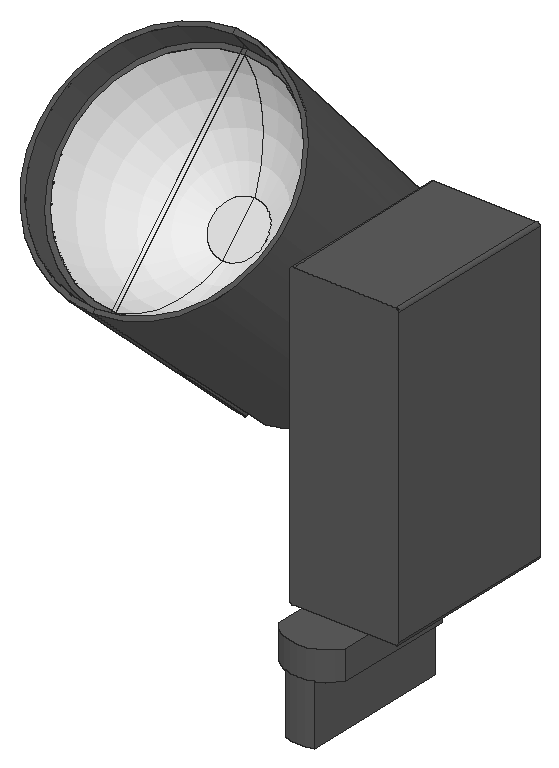
Revit family "0004893 Feilo Sylvania Lighting Fixture START TRACK SPOT L 55W 3K RA90 MB BLACK", category Lighting Fixtures, host Face, Revit 2017 (continued)
Definition of nested family "Start Track Spot Head"
  Types (96, lengths in mm): name | Wattage | built-in parameter 1150134 | Photometric Web File | Model | built-in parameter 1150105 | Lumens | built-in parameter 1150107 | built-in parameter 1150106 | HeadThickness_FEILO | HeadRibOffset_FEILO | HeadRibDepth_FEILO | HeadRibCutWidth_FEILO | HeadRibCutOffset_FEILO | HeadReflectorRadius_FEILO | HeadReflectorOffset_FEILO | HeadLEDRadius_FEILO | HeadHeight_FEILO | HeadDiffusorOffset_FEILO | HeadDiaOut_FEILO | HeadDiaIn_FEILO | HeadAxisFromTop_FEILO | Emit from Circle Diameter | built-in parameter 1150104 | Description | Apparent Load
    0004812 START TRACK SPOT S 14W 3K RA80 MB WHITE | 14 W | (empty or 0) | "0004812.ies" | "START TRACK SPOT S 14W 3K RA80 MB WHITE" | 120.32 (stored number, unit not read) | 1512 lm | 3000 (stored number, unit not read) | 1.2032 (stored number, unit not read) | 1.5 | 4.179 | 55.714 | 7.167 | 50.87 | 50.588 | 55.714 | 9.556 | 117 | 9.435 | 86 | 77.477 | 69.354 | 77.477 | 10.034 (stored number, unit not read) | "Integrated LED spotlight, Textured White - RAL9016, compact and minimalist design, ideal for retail applications, die-cast aluminium body, passive cooling heatsink. Beam angle: 36°, color temperature: 3000K , total system power: 14W, total fixture output: 1508 lm, LOR: 100%, colour rendering: Ra: 80 typical, LED Chromaticity: 3 step MacAdam ellipse, lifetime: >50000 hours at L70B50, energy class: A++, A+, A, IR/UV free light source without heat radiation, operating voltage: 220-240V / 50-60Hz, drive current: 350mA, electronic driver, non-dimmable, power factor: 0.92, electrical protection: Class II, Global Track 3 Phase adapter suitable for Global trac 3-circuit tracks, ingress protection rating: IP20, suitable for internal environment only, horizontal rotation: 355°, vertical tilt: 90°, dimensions: Ø86x140x200, weight: 0.940kg." | 14 VA
    0004811 START TRACK SPOT S 14W 3K RA80 NB WHITE | 14 W | (empty or 0) | "0004811.ies" | "START TRACK SPOT S 14W 3K RA80 NB WHITE" | 123.66 (stored number, unit not read) | 1554 lm | 3000 (stored number, unit not read) | 1.2366 (stored number, unit not read) | 1.5 | 4.179 | 55.714 | 7.167 | 50.87 | 50.588 | 55.714 | 9.556 | 117 | 9.435 | 86 | 77.477 | 69.354 | 77.477 | 10.312 (stored number, unit not read) | "Integrated LED spotlight, Textured White - RAL9016, compact and minimalist design, ideal for retail applications, die-cast aluminium body, passive cooling heatsink. Beam angle: 12°, color temperature: 3000K , total system power: 14W, total fixture output: 1551 lm, LOR: 100%, colour rendering: Ra: 80 typical, LED Chromaticity: 3 step MacAdam ellipse, lifetime: >50000 hours at L70B50, energy class: A++, A+, A, IR/UV free light source without heat radiation, operating voltage: 220-240V / 50-60Hz, drive current: 350mA, electronic driver, non-dimmable, power factor: 0.92, electrical protection: Class II, Global Track 3 Phase adapter suitable for Global trac 3-circuit tracks, ingress protection rating: IP20, suitable for internal environment only, horizontal rotation: 355°, vertical tilt: 90°, dimensions: Ø86x140x200, weight: 0.940kg." | 14 VA
  Reference planes
    plane 1 "Center (Front/Back)": y = 0
    plane 2: z = 0
    plane 3 "Center (Left/Right)": x = 0
    plane 4: x = 43
    plane 5: x = -43
    plane 6: x = -38.739
    plane 7: x = 38.739
    plane 8: z = 69.354
    plane 9: z = -47.646
    plane 10: x = -41.5
    plane 11: x = -37.239
    plane 12: z = -38.211
    plane 13: z = -35.211
    plane 14: z = 8.068
    plane 15: x = -9.556
    plane 16: x = -28.667
    plane 17: x = -19.111
    plane 18: x = -27.167
    plane 19: x = -17.611
    plane 20: x = -8.056
    plane 21: z = 13.64
    plane 22: x = -29.667
    plane 23: x = -26.167
    plane 24: x = -20.111
    plane 25: x = -16.611
    plane 26: x = -10.556
    plane 27: x = -7.056
    plane 28: x = -36.239
    plane 29: x = -40.5
    plane 30: z = 65.175
    plane 31: z = 60.997
    plane 32: z = 56.818
    plane 33: z = 18.484
    plane 34: y = -43
    plane 35: y = 43
    plane 36: y = 3.583
    plane 37: y = -3.583
    plane 38: y = -2.583
    plane 39: y = 2.583
    plane 40: y = 46
    plane 41: z = 13.5
    plane 42: z = -13.5
    plane 43: y = 39
    plane 44: x = 4.708
    plane 45: x = -2.458
    plane 46: x = -1.458
    plane 47: x = 1.458
  Forms (mm)
    Extrusion 1, solid
      sketch origin (4.2, 0, 0) x (1, 0, 0) y (0, 1, 0)
        loop
          line (-1219.2, 1219.2) -> (-1219.2, -1219.2) -> (1219.2, -1219.2) -> (1219.2, 1219.2) -> (-1219.2, 1219.2)
      from 0 to -68.017
    Revolve 2, solid, material <- "Material_1_FEILO", detail levels medium+fine
      sketch origin (0, 0, 0) x (1, 0, 0) y (0, 0, 1)
        loop
          line (-43, -47.646) -> (-41.5, -47.646) -> (-40.5, -35.211) -> (-38.739, -35.211)
          arc (-38.739, -35.211) -> (-30.16, -9.517) -> (-9.556, 8.068) r 50.588
          line (-9.556, 8.068) -> (0, 8.068) -> (0, 13.64) -> (-16.611, 13.64) -> (-17.611, 60.997) -> (-19.111, 60.997) -> (-20.111, 13.64) -> (-36.239, 13.64) -> (-37.239, 69.354) -> (-38.739, 69.354) -> (-43, -47.646)
        axis (0, 69.354) -> (0, -47.646)
      angle from 360 to 0
    Extrusion 3, void
      sketch origin (0, 0, 0) x (0, 1, 0) y (0, 0, 1)
        loop
          line (-3.583, 69.354) -> (-2.583, 18.484) -> (1.932, 18.484) -> (2.932, 69.354) -> (-3.583, 69.354)
      from 43 to -43
    Revolve 4, solid, material <- "Material_2_FEILO", detail levels medium+fine
      sketch origin (0, 0, 0) x (1, 0, 0) y (0, 0, 1)
        loop
          line (-41.5, -38.211) -> (0, -38.211) -> (0, -35.211) -> (-41.5, -35.211) -> (-41.5, -38.211)
        axis (0, -35.211) -> (0, -38.211)
      angle from 360 to 0
    Revolve 5, solid, material <- "Material_1_FEILO"
      sketch origin (0, 0, 0) x (0, 1, 0) y (0, 0, 1)
        loop
          line (46, 0) -> (39, 0) -> (39, -13.5) -> (46, -13.5) -> (46, 0)
        axis (39, 0) -> (46, 0)
      angle from 360 to 0
    Revolve 6, solid, material <- "Material_1_FEILO", detail levels medium+fine
      sketch origin (0, 0, 0) x (1, 0, 0) y (0, 0, 1)
        loop
          line (-29.667, 13.64) -> (-26.167, 13.64) -> (-27.167, 65.175) -> (-28.667, 65.175) -> (-29.667, 13.64)
        loop
          line (-10.556, 13.64) -> (-7.056, 13.64) -> (-7.833, 56.818) -> (-9.778, 56.818) -> (-10.556, 13.64)
        axis (0, 65.175) -> (0, 13.64)
      angle from 360 to 0
    Extrusion 7, void
      sketch origin (0, 0, 0) x (1, 0, 0) y (0, 0, 1)
        loop
          line (4.708, 69.354) -> (-2.458, 69.354) -> (-1.458, 13.64) -> (1.458, 13.64) -> (4.708, 69.354)
      from -43 to 43
    Revolve 8, solid, material <- "Material_1_FEILO", detail levels coarse
      sketch origin (0, 0, 0) x (1, 0, 0) y (0, 0, 1)
        loop
          line (0, 69.354) -> (-38.739, 69.354) -> (-43, -47.646) -> (-41.5, -47.646) -> (-40.731, -38.211) -> (0, -38.211) -> (0, 69.354)
        axis (0, 69.354) -> (0, -47.646)
      angle from 360 to 0
  Cuts and joins
    Extrusion 3 cuts Revolve 2
    Extrusion 7 cuts Revolve 6
  Dimensions and locks
    equal spacing: plane 7, plane 3 "Center (Left/Right)", plane 6
    equal spacing: plane 4, plane 3 "Center (Left/Right)", plane 5
    "HeadDiaOut_FEILO": plane 4 to plane 5
    "HeadDiaIn_FEILO": plane 7 to plane 6
    "HeadHeight_FEILO": plane 8 to plane 9
    "HeadThickness_FEILO": plane 10 to plane 5
    "HeadThickness_FEILO": plane 11 to plane 6
    "HeadDiffusorOffset_FEILO": plane 12 to plane 9
    "HeadDiffusorThickness_FEILO": plane 13 to plane 12
    "HeadReflectorOffset_FEILO": plane 14 to plane 9
    "HeadLEDRadius_FEILO": plane 3 "Center (Left/Right)" to plane 15
    "HeadLEDRadius_FEILO": plane 15 to plane 17
    "HeadLEDRadius_FEILO": plane 17 to plane 16
    "HeadThickness_FEILO": plane 18 to plane 16
    "HeadThickness_FEILO": plane 19 to plane 17
    "HeadThickness_FEILO": plane 20 to plane 15
    "HeadRibDepth_FEILO": plane 8 to plane 21
    "HeadDraft_FEILO": plane 16 to plane 22
    "HeadDraft_FEILO": plane 23 to plane 18
    "HeadDraft_FEILO": plane 17 to plane 24
    "HeadDraft_FEILO": plane 25 to plane 19
    "HeadDraft_FEILO": plane 15 to plane 26
    "HeadDraft_FEILO": plane 27 to plane 20
    "HeadDraft_FEILO": plane 29 to plane 10
    "HeadDraft_FEILO": plane 28 to plane 11
    "HeadRibOffset_FEILO": plane 8 to plane 30
    "HeadRibOffset_FEILO": plane 30 to plane 31
    "HeadRibOffset_FEILO": plane 31 to plane 32
    "HeadAxisFromTop_FEILO": plane 8 to plane 2
    "HeadRibCutOffset_FEILO": plane 8 to plane 33
    equal spacing: plane 34, plane 1 "Center (Front/Back)", plane 35
    "HeadDiaOut_FEILO": plane 34 to plane 35
    equal spacing: plane 38, plane 1 "Center (Front/Back)", plane 39
    equal spacing: plane 37, plane 1 "Center (Front/Back)", plane 36
    "HeadRibCutWidth_FEILO": plane 37 to plane 36
    "HeadDraft_FEILO": plane 37 to plane 38
    locked: plane 35 to plane 40 at 3
    equal spacing: plane 41, plane 2, plane 42
    locked: plane 42 to plane 41 at 27
    locked: plane 43 to plane 35 at 4
    equal spacing: plane 45, imposter light, plane 44
    "HeadDraft_FEILO": plane 46 to plane 45
    "HeadRibCutWidth_FEILO": plane 44 to plane 45
    equal spacing: plane 47, plane 3 "Center (Left/Right)", plane 46
    "HeadReflectorRadius_FEILO": radius of Revolve 2 sketch curve
    aligned and locked: plane 2 to Extrusion 1
    aligned and locked: level to Extrusion 1
    aligned and locked: Revolve 2 sketch curve to plane 3 "Center (Left/Right)"  (x2)
    aligned and locked: plane 9 to Revolve 2 sketch curve  (x2)
    aligned and locked: plane 5 to Revolve 2 sketch curve
    aligned and locked: plane 10 to Revolve 2 sketch curve
    aligned and locked: plane 14 to Revolve 2 sketch curve
    aligned and locked: plane 8 to Revolve 2 sketch curve
    aligned and locked: Revolve 2 sketch curve to plane 13
    aligned and locked: plane 12 to Revolve 4 sketch curve
    aligned and locked: plane 3 "Center (Left/Right)" to Revolve 4 sketch curve
    aligned and locked: Revolve 4 sketch curve to plane 10
    aligned and locked: Revolve 4 sketch curve to plane 3 "Center (Left/Right)"
    aligned and locked: plane 12 to imposter light
    aligned and locked: imposter light to plane 1 "Center (Front/Back)"
    aligned and locked: Revolve 5 sketch curve to plane 2
    aligned and locked: plane 43 to Revolve 5 sketch curve
    aligned and locked: plane 42 to Revolve 5 sketch curve
    aligned and locked: Revolve 6 sketch curve to plane 3 "Center (Left/Right)"
    aligned and locked: plane 22 to Revolve 6 sketch curve
    aligned and locked: plane 30 to Revolve 6 sketch curve
    aligned and locked: plane 23 to Revolve 6 sketch curve
    aligned and locked: Revolve 6 sketch curve to plane 21  (x2)
    aligned and locked: plane 21 to Revolve 6 sketch curve
    aligned and locked: plane 17 to Revolve 2 sketch curve
    aligned and locked: plane 19 to Revolve 2 sketch curve
    aligned and locked: plane 31 to Revolve 2 sketch curve
    aligned and locked: plane 21 to Revolve 2 sketch curve
    aligned and locked: Extrusion 3 to plane 8
    aligned and locked: plane 33 to Extrusion 3
    aligned and locked: plane 8 to Extrusion 3 sketch curve
    aligned and locked: Extrusion 3 sketch curve to plane 33
    aligned and locked: Extrusion 3 to plane 5
    aligned and locked: plane 4 to Extrusion 3
    aligned and locked: plane 32 to Revolve 6 sketch curve
    aligned and locked: plane 44 to Extrusion 7 sketch curve
    aligned and locked: Extrusion 7 sketch curve to plane 8
    aligned and locked: plane 46 to Extrusion 7 sketch curve
    aligned and locked: plane 21 to Extrusion 7 sketch curve
    aligned and locked: plane 34 to Extrusion 7
    aligned and locked: Extrusion 7 to plane 35
    aligned and locked: Revolve 4 sketch curve to plane 13
    aligned and locked: Revolve 5 sketch curve to plane 40
    aligned and locked: Revolve 8 sketch curve to plane 3 "Center (Left/Right)"
    aligned and locked: Revolve 8 sketch curve to cut or joined group of Revolve 2, Extrusion 3  (x3)
    aligned and locked: plane 5 to Revolve 8 sketch curve
    aligned and locked: plane 3 "Center (Left/Right)" to Revolve 8 sketch curve
    aligned and locked: plane 12 to Revolve 8 sketch curve
  Automatic sketch dimensions
    Extrusion 1 sketch curve to Extrusion 1 sketch curve = 2438.4 mm  (x2)
    Extrusion 3 sketch curve to plane 37 = 0 mm
    Extrusion 3 sketch curve to plane 38 = 0 mm
    plane 39 to Extrusion 3 sketch curve = 0.651 mm
    Extrusion 3 sketch curve to plane 39 = 0.349 mm
    Revolve 6 sketch curve to plane 16 = 0 mm
    Revolve 6 sketch curve to plane 18 = 0 mm
    Revolve 6 sketch curve to plane 26 = 0 mm
    Revolve 6 sketch curve to plane 27 = 0 mm
    Revolve 6 sketch curve to plane 15 = 0.222 mm
    plane 9 to Revolve 6 sketch curve = 559.103 mm
    Revolve 6 sketch curve to plane 8 = 2535.555 mm
    plane 20 to Revolve 6 sketch curve = 0.222 mm
    Revolve 2 sketch curve to plane 29 = 0 mm
    Revolve 2 sketch curve to plane 6 = 0 mm  (x2)
    Revolve 2 sketch curve to plane 11 = 0 mm
    Revolve 2 sketch curve to plane 21 = 0 mm
    Revolve 2 sketch curve to plane 28 = 0 mm
    Revolve 2 sketch curve to plane 24 = 0 mm
    Revolve 2 sketch curve to plane 25 = 0 mm
    Revolve 2 sketch curve to plane 15 = 0 mm
    Revolve 2 sketch curve to Revolve 2 sketch curve = 557.155 mm
    Revolve 2 sketch curve to plane 8 = 2535.558 mm
    Extrusion 7 sketch curve to plane 45 = 0 mm
    Extrusion 7 sketch curve to plane 47 = 0 mm
    plane 9 to Revolve 4 sketch curve = 559.103 mm
    Revolve 4 sketch curve to plane 8 = 2535.555 mm
    Revolve 5 sketch curve to level = 0 mm
    plane 34 to Revolve 5 sketch curve = 1968.092 mm
    Revolve 5 sketch curve to plane 40 = 1405.763 mm
    Revolve 8 sketch curve to plane 6 = 0 mm
    Revolve 8 sketch curve to plane 29 = 0.231 mm
    plane 9 to Revolve 8 sketch curve = 559.103 mm
    Revolve 8 sketch curve to Revolve 8 sketch curve = 2535.555 mm
Definition of nested family "Start Track Spot Box"
  Parameters (values of type "Type Large White")
    URL = "http://www.feilosylvania.com"
    Type Image = (empty or 0)
    Type Comments = "n/a"
    Small_FEILO = no
    Material_3_FEILO = none
    Model = ""
    Manufacturer = "Feilo Sylvania"
    Keynote = ""
    Material_2_FEILO = none
    Description = ""
    Default Elevation = 1219.2 mm
    Cost = 0
    Material_1_FEILO = none
    BoxWidth_FEILO = 49 mm
    BoxStartAngle_FEILO [instance] = 0.00°
    BoxRadius_FEILO = 1.5 mm
    BoxHeight_FEILO = if(Small_FEILO, 112 mm, 136 mm)  # 136 mm
    BoxEndAngle_FEILO [instance] = BoxStartAngle_FEILO - 180.00°  # -180.00°
    BoxDepth_FEILO = if(Small_FEILO, 71.5 mm, 79 mm)  # 79 mm
    BoxAxisVerticalOffset_FEILO = 16 mm
    BoxAxisOffset_FEILO = BoxHeight_FEILO / 6.8  # 20 mm
    Assembly Code = ""
    Material_4_FEILO = none
  Types (4, lengths in mm): name | Small_FEILO | BoxHeight_FEILO | BoxDepth_FEILO | BoxAxisOffset_FEILO
    Type Large White | no | 136 | 79 | 20
    Type Small White | yes | 112 | 71.5 | 16.471
    Type Small Black | yes | 112 | 71.5 | 16.471
    Type Large Black | no | 136 | 79 | 20
  Reference planes
    plane 1 "Center (Front/Back)": y = 0
    plane 2: z = 0
    plane 3 "Center (Left/Right)": x = 0
    plane 4: x = 24.5
    plane 5: x = -24.5
    plane 6: y = 68
    plane 7: y = -68
    plane 8: z = 39.5
    plane 9: z = -39.5
    plane 10: y = -48
    plane 11: x = 30.5
    plane 12: x = 8.5
    plane 13: x = 21.5
    plane 14: y = 70
    plane 15: y = 72
    plane 16: x = 19.5
  Forms (mm)
    Extrusion 1, solid
      sketch origin (4.2, 0, 0) x (1, 0, 0) y (0, 1, 0)
        loop
          line (-1219.2, 1219.2) -> (-1219.2, -1219.2) -> (1219.2, -1219.2) -> (1219.2, 1219.2) -> (-1219.2, 1219.2)
      from 0 to -68.017
    Extrusion 2, solid, material <- "Material_1_FEILO"
      sketch origin (0, 0, 0) x (1, 0, 0) y (0, 1, 0)
        loop
          arc (-23, 68) -> (-24.061, 67.561) -> (-24.5, 66.5) r 1.5
          line (-24.5, 66.5) -> (-24.5, -66.5)
          arc (-24.5, -66.5) -> (-24.061, -67.561) -> (-23, -68) r 1.5
          line (-23, -68) -> (23, -68)
          arc (23, -68) -> (24.061, -67.561) -> (24.5, -66.5) r 1.5
          line (24.5, -66.5) -> (24.5, 66.5)
          arc (24.5, 66.5) -> (24.061, 67.561) -> (23, 68) r 1.5
          line (23, 68) -> (-23, 68)
      from -39.5 to 39.5
    Revolve 3, solid, not visible
      sketch origin (0, 0, 0) x (1, 0, 0) y (0, 1, 0)
        loop
          line (30.5, -48) -> (24.5, -48) -> (24.5, -68) -> (30.5, -68) -> (30.5, -48)
        axis (30.5, -48) -> (24.5, -48)
      angle from 0 <- "BoxStartAngle_FEILO" to -180 <- "BoxEndAngle_FEILO"
    Revolve 4, solid, material <- "Material_2_FEILO"
      sketch origin (0, 0, 0) x (1, 0, 0) y (0, 1, 0)
        loop
          line (8.5, 68) -> (19.5, 68) -> (19.5, 70) -> (21.5, 70) -> (21.5, 72) -> (8.5, 72) -> (8.5, 68)
        axis (8.5, 72) -> (8.5, 68)
      angle from 360 to 0
  Dimensions and locks
    equal spacing: plane 5, plane 3 "Center (Left/Right)", plane 4
    "BoxWidth_FEILO": plane 5 to plane 4
    equal spacing: plane 7, plane 1 "Center (Front/Back)", plane 6
    "BoxHeight_FEILO": plane 7 to plane 6
    equal spacing: plane 8, plane 2, plane 9
    "BoxDepth_FEILO": plane 8 to plane 9
    "BoxAxisOffset_FEILO": plane 7 to plane 10
    locked: plane 4 to plane 11 at 6
    "BoxAxisVerticalOffset_FEILO": plane 12 to plane 4
    locked: plane 12 to plane 13 at 13
    plane 6 to plane 14 to plane 15 = 2 mm locked, 2 mm locked
    locked: plane 12 to plane 16 at 11
    "BoxRadius_FEILO": radius of Extrusion 2 sketch curve  (x4)
    aligned and locked: plane 2 to Extrusion 1
    aligned and locked: level to Extrusion 1
    aligned and locked: plane 6 to Extrusion 2 sketch curve
    aligned and locked: plane 5 to Extrusion 2 sketch curve
    aligned and locked: Extrusion 2 sketch curve to plane 7
    aligned and locked: Extrusion 2 sketch curve to plane 4
    aligned and locked: Extrusion 2 to plane 8
    aligned and locked: plane 9 to Extrusion 2
    aligned and locked: Revolve 3 sketch curve to plane 10  (x2)
    aligned and locked: plane 11 to Revolve 3 sketch curve
    aligned and locked: Revolve 3 sketch curve to plane 4
    aligned and locked: plane 7 to Revolve 3 sketch curve
    aligned and locked: Revolve 4 sketch curve to plane 12
    aligned and locked: plane 6 to Revolve 4 sketch curve
    aligned and locked: plane 12 to Revolve 4 sketch curve
    aligned and locked: plane 15 to Revolve 4 sketch curve
    aligned and locked: Revolve 4 sketch curve to plane 13
    aligned and locked: Revolve 4 sketch curve to plane 14
    aligned and locked: Revolve 4 sketch curve to plane 16
    aligned and locked: Revolve 4 sketch curve to plane 6
  Automatic sketch dimensions
    Extrusion 1 sketch curve to Extrusion 1 sketch curve = 2438.4 mm  (x2)
    Revolve 3 sketch curve to plane 5 = 1499.5 mm
    plane 11 to Revolve 3 sketch curve = 1493.5 mm
    plane 15 to Revolve 4 sketch curve = 0 mm
    plane 7 to Revolve 4 sketch curve = 1456 mm
    Revolve 4 sketch curve to plane 15 = 1452 mm
